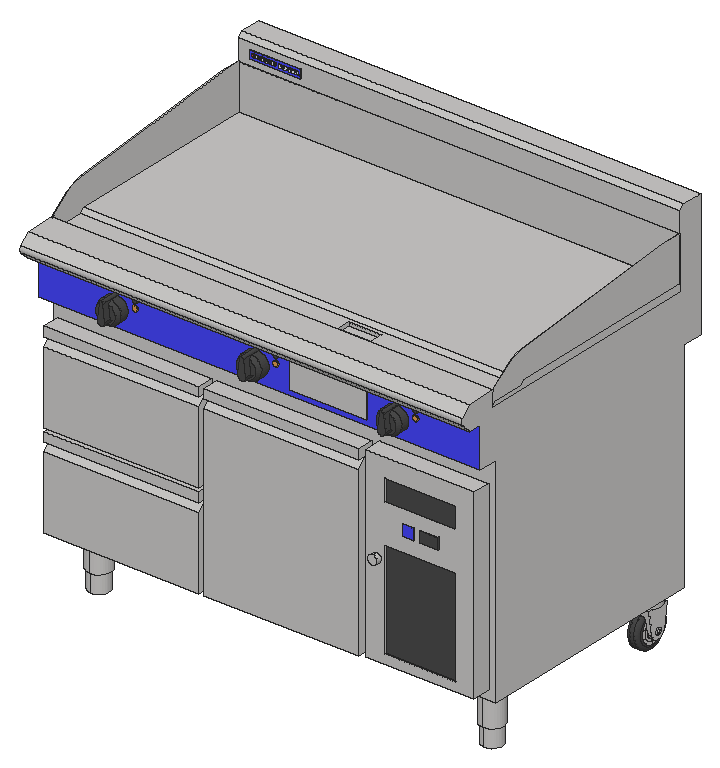
Revit family "QF_MOFFAT_BLUESEAL_AU_EP518-RB", category Specialty Equipment, Revit 2012
Parameters
  Weight in Pounds = 396  # constant formula
  Watts = 16200 W
  Volts = 400 V
  URL Cutsheet = "www.moffat.com"
  URL = "www.moffat.com"
  Type Mark [instance] = ""
  Status [instance] = ""
  Specification by User [instance] = ""
  Specification by Manufacturer = ""
  Show Logo [instance] = yes
  Show Clearance [instance] = yes
  Show Casters [instance] = yes
  Serial Number = ""
  Seismic Rating = ""
  SMACNA No = ""
  Revision Code [instance] = ""
  Refrigerant Type = "R134a"
  Phase = 3
  Omniclass Number and Title = ""
  Number of Poles = 1
  NAFEM Spec ID Number = ""
  Model = "EP518-RB"
  Min Ckt Ampacity = 0 A
  Max Overcurrent Protection = 0 A
  Masterspec = ""
  Manufacturer = "MOFFAT BLUESEAL"
  Legs [instance] = not(Show Casters)  # no
  Item Number [instance] = ""
  Installed By [instance] = ""
  Identify Quantity as Lot [instance] = yes
  HP = ""
  Furnished By [instance] = ""
  Foodservice Equipment Identifier [instance] = yes
  FL Amps = 25 A
  Electrical Remarks [instance] = "25A PER PHASE"
  Elec Conn RI Height = 0.0 mm
  Elec Conn Connection Height = 0.0 mm
  Description = "1200MM ELECTRIC GRIDDLE PLATE ON REFRIGERATED BASE"
  Cycle = 50 Hz
  Conn Plug = ""
  Conn Conduit = yes
  CSI MasterFormat = ""
  CSI Master Format = ""
  Body Height [instance] = 915.0 mm
  Base Height [instance] = 150.0 mm
  Apparent Power = if(Phase = 3, Volts * FL Amps * 1.73, Volts * FL Amps)  # 17300 VA
Reference planes
  plane 1 "BACK": y = 0
  plane 2: z = 0
  plane 3 "LEFT": x = 0
  plane 4 "RIGHT": x = 1200
  plane 5 "FRONT": y = -812
  plane 6 "TOP": z = 970
  plane 7 "Center Y": x = 600
  plane 8 "Center X": y = -406
  plane 9 "Base Height": z = 150
  plane 10: x = 1134
  plane 11: x = 65
  plane 12: z = 915
  plane 13: x = 1181
  plane 14: x = 973
  plane 15: y = -625
  plane 16: y = -100
  plane 17: z = 1085
Forms (mm)
  Extrusion 1, solid, material "QF_Finishes_Stainless Steel"
    sketch origin (0, 0, 0) x (0, 1, 0) y (0, 0, 1)
      loop
        line (0, 740) -> (0, 1085) -> (-57.5, 1085) -> (-70, 1072.5) -> (-70, 875) -> (-705, 875) -> (-705, 915) -> (-783.97, 915) -> (-808.485, 890.485)
        arc (-808.485, 890.485) -> (-811.999, 882) -> (-808.485, 873.515) r 12
        line (-808.485, 873.515) -> (-784.97, 850) -> (-749, 850) -> (-749, 740) -> (-697, 740) -> (-697, 150) -> (-57, 150) -> (-57, 740) -> (0, 740)
    from 0 to 1200
  Extrusion 2, solid, material "QF_Finishes_Stainless Steel"
    sketch origin (705, 3, 100) x (1, 0, 0) y (0, 1, 0)
      loop
        circle (365, -35) r 13.5
    from 555 to 640
  Revolve 3, solid, material "QF_Finishes_Stainless Steel"
    sketch origin (65, -735, 0) x (0, 1, 0) y (0, 0, 1)
      loop
        line (78.25, 150) -> (78.25, 50) -> (82.5, 50) -> (82.5, 0) -> (110, 0) -> (110, 150) -> (78.25, 150)
      axis (110, 150) -> (110, 0)
    angle from 0 to 360
  Revolve 4, solid, material "QF_Finishes_Stainless Steel"
    sketch origin (1134, -735, 0) x (0, 1, 0) y (0, 0, -1)
      loop
        line (78.25, -150) -> (110, -150) -> (110, 0) -> (82.5, 0) -> (82.5, -50) -> (78.25, -50) -> (78.25, -150)
      axis (110, -150) -> (110, 0)
    angle from 0 to 360
  Extrusion 5, solid, material "QF_Finishes_Stainless Steel"
    sketch origin (0, 0, 0) x (0, 1, 0) y (0, 0, 1)
      loop
        line (-754, 678) -> (-754, 653) -> (-709.18, 653) -> (-709.18, 678) -> (-754, 678)
      loop
        line (-754, 421) -> (-754, 396) -> (-709.18, 396) -> (-709.18, 421) -> (-754, 421)
    from 19 to 439
  Extrusion 6, solid, material "QF_Finishes_Stainless Steel"
    sketch origin (0, -697, 222.5) x (0, 0, -1) y (1, 0, 0)
      loop
        line (-455.5, 1181) -> (-455.5, 887) -> (48.5, 887) -> (48.5, 1181) -> (-455.5, 1181)
      loop
        line (23.5, 1131) -> (-241.5, 1131) -> (-241.5, 937) -> (23.5, 937) -> (23.5, 1131)
      loop
        line (-405.5, 1131) -> (-405.5, 937) -> (-345.5, 937) -> (-345.5, 1131) -> (-405.5, 1131)
    from 0 to 48
  Extrusion 7, solid, material "QF_Finishes_Black"
    sketch origin (0, -745, 222.5) x (0, 0, -1) y (1, 0, 0)
      loop
        line (-311.04, 1035.003) -> (-281.04, 1035.003) -> (-281.04, 1083.315) -> (-311.04, 1083.315) -> (-311.04, 1035.003)
    from 0 to 2
  Extrusion 8, solid, material "QF_Finishes_Stainless Steel"
    sketch origin (0, -745, 222.5) x (0, 0, -1) y (1, 0, 0)
      loop
        circle (-202.271, 914.856) r 12.395
    from 0 to 12.7
  Extrusion 9, solid, material "QF_Finishes_Vents"
    sketch origin (0, -697, 222.5) x (0, 0, 1) y (1, 0, 0)
      loop
        line (345.5, 937) -> (405.5, 937) -> (405.5, 1131) -> (345.5, 1131) -> (345.5, 937)
      loop
        line (241.5, 937) -> (241.5, 1131) -> (-23.5, 1131) -> (-23.5, 937) -> (241.5, 937)
    from 0 to -44.529
  Extrusion 10, solid, material "QF_Door-Drawer Clearances", visible <- "Show Clearance", detail levels coarse
    sketch origin (0, -747, 174) x (0, 0, 1) y (-1, 0, 0)
      loop
        line (0, -19) -> (0, -439) -> (247, -439) -> (247, -19) -> (0, -19)
      loop
        line (257, -19) -> (257, -439) -> (504, -439) -> (504, -19) -> (257, -19)
    from 0 to 304.8
  Extrusion 11, solid, material "QF_Finishes_Stainless Steel"
    sketch origin (0, 0, 0) x (0, 1, 0) y (0, 0, 1)
      loop
        line (-709.18, 174) -> (-709.18, 650.613) -> (-731.387, 650.613) -> (-754, 628) -> (-754, 174) -> (-709.18, 174)
    from 453 to 873
  Extrusion 12, solid, material "QF_Door-Drawer Clearances", visible <- "Show Clearance", detail levels coarse
    sketch origin (0, -754, 174) x (1, 0, 0) y (0, -1, 0)
      loop
        line (453, 0) -> (873, 0) -> (873, 420)
        arc (873, 420) -> (576.015, 296.985) -> (453, 0) r 420
    from 0 to -504
  Extrusion 13, solid, material "QF_Finishes_Stainless Steel"
    sketch origin (0, -57, 735) x (0, 0, 1) y (1, 0, 0)
      loop
        circle (-315, 920) r 6.35
    from 0 to 1.6
  Extrusion 14, solid, material "QF_Finishes_Stainless Steel"
    sketch origin (0, 0, 0) x (0, 1, 0) y (0, 0, 1)
      loop
        line (-754, 431) -> (-709.18, 431) -> (-709.18, 650.613) -> (-731.387, 650.613) -> (-754, 628) -> (-754, 431)
      loop
        line (-754, 174) -> (-709.18, 174) -> (-709.18, 393.613) -> (-731.387, 393.613) -> (-754, 371) -> (-754, 174)
    from 19 to 439
  Extrusion 15, solid, material "QF_Finishes_Stainless Steel"
    sketch origin (0, 0, 0) x (0, 1, 0) y (0, 0, 1)
      loop
        line (-709.18, 653) -> (-709.18, 678) -> (-754, 678) -> (-754, 653) -> (-709.18, 653)
    from 453 to 873
  Revolve 16, solid, material "QF_Finishes_Stainless Steel", visible <- "Legs"
    sketch origin (65.5, -166, 0) x (0, 1, 0) y (0, 0, 1)
      loop
        line (34.25, 150) -> (34.25, 50) -> (38.5, 50) -> (38.5, 0) -> (66, 0) -> (66, 150) -> (34.25, 150)
      axis (66, 150) -> (66, 0)
    angle from 0 to 360
  Revolve 17, solid, material "QF_Finishes_Stainless Steel", visible <- "Show Casters"
    sketch origin (16.276, -100.755, -12.8) x (1, 0, 0) y (0, 0, 1)
      loop
        line (14.841, 63.604) -> (83.584, 63.604) -> (83.584, 67.109) -> (82.314, 68.379) -> (80.79, 68.379) -> (80.79, 71.826) -> (68.644, 71.826) -> (68.644, 81.79) -> (65.088, 83.843) -> (63.738, 92.179) -> (65.881, 92.179) -> (65.881, 98.529) -> (65.088, 98.529) -> (65.088, 104.879)
        arc (65.088, 104.879) -> (62.298, 111.614) -> (55.563, 114.404) r 9.525
        line (55.563, 114.404) -> (42.863, 114.404)
        arc (42.863, 114.404) -> (36.127, 111.614) -> (33.338, 104.879) r 9.525
        line (33.338, 104.879) -> (33.338, 98.529) -> (32.544, 98.529) -> (32.544, 92.179) -> (34.687, 92.179) -> (33.352, 83.932) -> (29.782, 81.871) -> (29.782, 71.826) -> (17.635, 71.826) -> (17.635, 68.379) -> (16.111, 68.379) -> (14.841, 67.109) -> (14.841, 63.604)
      axis (14.841, 63.604) -> (83.584, 63.604)
    angle from 0 to 360
  Extrusion 18, solid, material "QF_Finishes_Stainless Steel", visible <- "Show Casters"
    sketch origin (72.001, 132.353, -8.783) x (0, 1, 0) y (0, 0, 1)
      loop
        line (-200.603, 118.783) -> (-264.103, 118.783) -> (-251.746, 53.895)
        arc (-251.746, 53.895) -> (-232.353, 38.783) -> (-212.959, 53.895) r 20
        line (-212.959, 53.895) -> (-200.603, 118.783)
    from -35.667 to 22.923
  Revolve 19, solid, material "QF_Finishes_Stainless Steel", visible <- "Show Casters"
    sketch origin (65.5, -204, 0) x (0, 1, 0) y (0, 0, 1)
      loop
        line (68.25, 150) -> (68.25, 110) -> (104, 110) -> (104, 150) -> (68.25, 150)
      axis (104, 150) -> (104, 110)
    angle from 0 to 360
  Revolve 20, solid, material "QF_Finishes_Stainless Steel", visible <- "Legs"
    sketch origin (65.5, -166, 0) x (0, 1, 0) y (0, 0, 1)
      loop
        line (34.25, 150) -> (34.25, 50) -> (38.5, 50) -> (38.5, 0) -> (66, 0) -> (66, 150) -> (34.25, 150)
      axis (66, 150) -> (66, 0)
    angle from 0 to 360
  Revolve 21, solid, material "QF_Finishes_Stainless Steel", visible <- "Legs"
    sketch origin (1134.5, -166, 0) x (0, 1, 0) y (0, 0, -1)
      loop
        line (34.25, -150) -> (66, -150) -> (66, 0) -> (38.5, 0) -> (38.5, -50) -> (34.25, -50) -> (34.25, -150)
      axis (66, -150) -> (66, 0)
    angle from 0 to 360
  Revolve 22, solid, material "QF_Finishes_Stainless Steel", visible <- "Show Casters"
    sketch origin (1183.724, -100.755, -12.8) x (-1, 0, 0) y (0, 0, -1)
      loop
        line (14.841, -63.604) -> (14.841, -67.109) -> (16.111, -68.379) -> (17.635, -68.379) -> (17.635, -71.826) -> (29.782, -71.826) -> (29.782, -81.871) -> (33.352, -83.932) -> (34.687, -92.179) -> (32.544, -92.179) -> (32.544, -98.529) -> (33.338, -98.529) -> (33.338, -104.879)
        arc (33.338, -104.879) -> (36.127, -111.614) -> (42.863, -114.404) r 9.525
        line (42.863, -114.404) -> (55.563, -114.404)
        arc (55.563, -114.404) -> (62.298, -111.614) -> (65.088, -104.879) r 9.525
        line (65.088, -104.879) -> (65.088, -98.529) -> (65.881, -98.529) -> (65.881, -92.179) -> (63.738, -92.179) -> (65.088, -83.843) -> (68.644, -81.79) -> (68.644, -71.826) -> (80.79, -71.826) -> (80.79, -68.379) -> (82.314, -68.379) -> (83.584, -67.109) -> (83.584, -63.604) -> (14.841, -63.604)
      axis (14.841, -63.604) -> (83.584, -63.604)
    angle from 0 to 360
  Extrusion 23, solid, material "QF_Finishes_Stainless Steel", visible <- "Show Casters"
    sketch origin (1127.999, 132.353, -8.783) x (0, 1, 0) y (0, 0, -1)
      loop
        line (-200.603, -118.783) -> (-212.959, -53.895)
        arc (-212.959, -53.895) -> (-232.353, -38.783) -> (-251.746, -53.895) r 20
        line (-251.746, -53.895) -> (-264.103, -118.783) -> (-200.603, -118.783)
    from -35.667 to 22.923
  Revolve 24, solid, material "QF_Finishes_Stainless Steel", visible <- "Show Casters"
    sketch origin (1134.5, -204, 0) x (0, 1, 0) y (0, 0, -1)
      loop
        line (68.25, -150) -> (104, -150) -> (104, -110) -> (68.25, -110) -> (68.25, -150)
      axis (104, -150) -> (104, -110)
    angle from 0 to 360
  Revolve 25, solid, material "QF_Finishes_Stainless Steel", visible <- "Legs"
    sketch origin (1134.5, -166, 0) x (0, 1, 0) y (0, 0, -1)
      loop
        line (34.25, -150) -> (66, -150) -> (66, 0) -> (38.5, 0) -> (38.5, -50) -> (34.25, -50) -> (34.25, -150)
      axis (66, -150) -> (66, 0)
    angle from 0 to 360
  Revolve 26, solid, material "QF_Finishes_Black"
    sketch origin (217.5, 7, 757.8) x (0, 1, 0) y (0, 0, -1)
      loop
        line (-789, -69.5) -> (-766, -69.5) -> (-766, -42) -> (-756, -42) -> (-756, -37) -> (-800, -37) -> (-800, -63.651) -> (-789, -69.5)
      axis (-800, -37) -> (-756, -37)
    angle from 0 to 360
  Extrusion 27, solid, material "QF_Finishes_Black"
    sketch origin (355.77, 0, 757.958) x (-1, 0, 0) y (0, 0, -1)
      loop
        line (127.85, -26.064) -> (133.27, -68.983)
        arc (133.27, -68.983) -> (138.269, -73.87) -> (143.267, -68.983) r 5
        line (143.267, -68.983) -> (148.756, -24.898)
        arc (148.756, -24.898) -> (137.684, -14.399) -> (127.85, -26.064) r 10.487
    from 759 to 808
  Revolve 28, solid, material "QF_Finishes_Black"
    sketch origin (600, 7, 757.8) x (0, 1, 0) y (0, 0, -1)
      loop
        line (-789, -69.5) -> (-766, -69.5) -> (-766, -42) -> (-756, -42) -> (-756, -37) -> (-800, -37) -> (-800, -63.651) -> (-789, -69.5)
      axis (-800, -37) -> (-756, -37)
    angle from 0 to 360
  Extrusion 29, solid, material "QF_Finishes_Black"
    sketch origin (738.27, 0, 757.958) x (-1, 0, 0) y (0, 0, -1)
      loop
        line (127.85, -26.064) -> (133.27, -68.983)
        arc (133.27, -68.983) -> (138.269, -73.87) -> (143.267, -68.983) r 5
        line (143.267, -68.983) -> (148.756, -24.898)
        arc (148.756, -24.898) -> (137.684, -14.399) -> (127.85, -26.064) r 10.487
    from 759 to 808
  Extrusion 30, solid, material "QF_Finishes_Orange"
    sketch origin (0, -749, 850) x (0, 0, -1) y (1, 0, 0)
      loop
        circle (45.2, 1025.121) r 7.15
      loop
        circle (45.2, 645.005) r 7.15
      loop
        circle (45.2, 262.505) r 7.15
    from 0 to 1
  Revolve 31, solid, material "QF_Finishes_Black"
    sketch origin (980.116, 7, 757.8) x (0, 1, 0) y (0, 0, -1)
      loop
        line (-789, -69.5) -> (-766, -69.5) -> (-766, -42) -> (-756, -42) -> (-756, -37) -> (-800, -37) -> (-800, -63.651) -> (-789, -69.5)
      axis (-800, -37) -> (-756, -37)
    angle from 0 to 360
  Extrusion 32, solid, material "QF_Finishes_Black"
    sketch origin (1118.385, 0, 757.958) x (-1, 0, 0) y (0, 0, -1)
      loop
        line (127.85, -26.064) -> (133.27, -68.983)
        arc (133.27, -68.983) -> (138.269, -73.87) -> (143.267, -68.983) r 5
        line (143.267, -68.983) -> (148.756, -24.898)
        arc (148.756, -24.898) -> (137.684, -14.399) -> (127.85, -26.064) r 10.487
    from 759 to 808
  Extrusion 33, solid, material "QF_Finishes_Black"
    sketch origin (0, -749, 850) x (0, 0, -1) y (1, 0, 0)
      loop
        circle (25.2, 1025.121) r 7.15
      loop
        circle (25.2, 645.005) r 7.15
      loop
        circle (25.2, 262.505) r 7.15
    from 0 to 1
  Extrusion 34, solid, material "QF_Finishes_Stainless Steel"
    sketch origin (0, -749, 850) x (0, 0, -1) y (1, 0, 0)
      loop
        line (9.201, 893) -> (9.201, 683) -> (96.1, 683) -> (96.1, 893) -> (9.201, 893)
    from 0 to 1
  Extrusion 35, solid, material "QF_Finishes_Black"
    sketch origin (0, -750, 850) x (0, 0, -1) y (1, 0, 0)
      loop
        line (9.201, 893) -> (9.201, 683) -> (14.201, 683) -> (14.201, 893) -> (9.201, 893)
    from 0 to 10
  Extrusion 36, solid, material "QF_Finishes_Blue"
    sketch origin (0, -745, 222.5) x (0, 0, -1) y (1, 0, 0)
      loop
        line (-311.04, 987.426) -> (-281.04, 987.426) -> (-281.04, 1017.426) -> (-311.04, 1017.426) -> (-311.04, 987.426)
    from 0 to 2
Lines and regions (mm)
  Split face 1
    outline origin (0, -22, 1085) x (0, 1, 0) y (-1, 0, 0)
      loop
        arc (-23.385, -1164.794) -> (-18.385, -1173.455) -> (-8.385, -1173.455) r 10
        line (-8.385, -1173.455) -> (-1.385, -1169.413)
        arc (-1.385, -1169.413) -> (2.275, -1165.753) -> (3.615, -1160.753) r 10
        line (3.615, -1160.753) -> (3.615, -932.794)
        arc (3.615, -932.794) -> (-1.385, -924.134) -> (-11.385, -924.134) r 10
        line (-11.385, -924.134) -> (-18.385, -928.176)
        arc (-18.385, -928.176) -> (-22.045, -931.836) -> (-23.385, -936.836) r 10
        line (-23.385, -936.836) -> (-23.385, -1164.794)
  Split face 2
    outline origin (0, -22, 1085) x (0, 1, 0) y (-1, 0, 0)
      loop
        arc (-23.385, -864.794) -> (-18.385, -873.455) -> (-8.385, -873.455) r 10
        line (-8.385, -873.455) -> (-1.385, -869.413)
        arc (-1.385, -869.413) -> (2.275, -865.753) -> (3.615, -860.753) r 10
        line (3.615, -860.753) -> (3.615, -632.794)
        arc (3.615, -632.794) -> (-1.385, -624.134) -> (-11.385, -624.134) r 10
        line (-11.385, -624.134) -> (-18.385, -628.176)
        arc (-18.385, -628.176) -> (-22.045, -631.836) -> (-23.385, -636.836) r 10
        line (-23.385, -636.836) -> (-23.385, -864.794)
  Split face 3
    outline origin (0, -22, 1085) x (0, 1, 0) y (-1, 0, 0)
      loop
        arc (-23.385, -564.794) -> (-18.385, -573.455) -> (-8.385, -573.455) r 10
        line (-8.385, -573.455) -> (-1.385, -569.413)
        arc (-1.385, -569.413) -> (2.275, -565.753) -> (3.615, -560.753) r 10
        line (3.615, -560.753) -> (3.615, -332.794)
        arc (3.615, -332.794) -> (-1.385, -324.134) -> (-11.385, -324.134) r 10
        line (-11.385, -324.134) -> (-18.385, -328.176)
        arc (-18.385, -328.176) -> (-22.045, -331.836) -> (-23.385, -336.836) r 10
        line (-23.385, -336.836) -> (-23.385, -564.794)
  Split face 4
    outline origin (0, -22, 1085) x (0, 1, 0) y (-1, 0, 0)
      loop
        arc (-23.385, -264.794) -> (-18.385, -273.455) -> (-8.385, -273.455) r 10
        line (-8.385, -273.455) -> (-1.385, -269.413)
        arc (-1.385, -269.413) -> (2.275, -265.753) -> (3.615, -260.753) r 10
        line (3.615, -260.753) -> (3.615, -32.794)
        arc (3.615, -32.794) -> (-1.385, -24.134) -> (-11.385, -24.134) r 10
        line (-11.385, -24.134) -> (-18.385, -28.176)
        arc (-18.385, -28.176) -> (-22.045, -31.836) -> (-23.385, -36.836) r 10
        line (-23.385, -36.836) -> (-23.385, -264.794)
  symbolic lines, style "QF_Door-Drawer Clearances"
    curve 1: line (19, -812, 150) -> (19, -1058.8, 150)
    curve 2: line (19, -1058.8, 150) -> (439, -1058.8, 150)
    curve 3: line (439, -1058.8, 150) -> (439, -812, 150)
    curve 4: arc (512.99, -970.316, 150) -> (477.409, -895.095, 150) -> (457.356, -814.336, 150) r 420
    curve 5: line (776.472, -812, 150) -> (512.99, -970.316, 150)
  symbolic lines, style "SpecialityEquipmentHiddenLines", visible <- "Show Casters"
    curve 6: line (78.456, -46.735, 0) -> (105.952, -62.61, 0)
    curve 7: line (27.656, -134.723, 0) -> (78.456, -46.735, 0)
    curve 8: line (55.152, -150.598, 0) -> (27.656, -134.723, 0)
    curve 9: line (105.952, -62.61, 0) -> (55.152, -150.598, 0)
    curve 10: line (1125.152, -150.598, 0) -> (1097.656, -134.723, 0)
    curve 11: line (1175.952, -62.61, 0) -> (1125.152, -150.598, 0)
    curve 52: line (1148.456, -46.735, 0) -> (1097.656, -134.723, 0)
    curve 53: line (1175.952, -62.61, 0) -> (1148.456, -46.735, 0)
  symbolic lines
    curve 12: line (32.794, -18.385, 0) -> (260.753, -18.385, 0)
    curve 13: arc (260.753, -18.385, 0) -> (265.753, -19.725, 0) -> (269.413, -23.385, 0) r 10
    curve 14: line (269.413, -23.385, 0) -> (273.455, -30.385, 0)
    curve 15: arc (273.455, -30.385, 0) -> (273.455, -40.385, 0) -> (264.794, -45.385, 0) r 10
    curve 16: line (264.794, -45.385, 0) -> (36.836, -45.385, 0)
    curve 17: arc (36.836, -45.385, 0) -> (31.836, -44.045, 0) -> (28.176, -40.385, 0) r 10
    curve 18: line (28.176, -40.385, 0) -> (24.134, -33.385, 0)
    curve 19: arc (24.134, -33.385, 0) -> (24.134, -23.385, 0) -> (32.794, -18.385, 0) r 10
    curve 20: line (560.753, -18.385, 0) -> (332.794, -18.385, 0)
    curve 21: arc (332.794, -18.385, 0) -> (324.134, -23.385, 0) -> (324.134, -33.385, 0) r 10
    curve 22: line (324.134, -33.385, 0) -> (328.176, -40.385, 0)
    curve 23: arc (328.176, -40.385, 0) -> (331.836, -44.045, 0) -> (336.836, -45.385, 0) r 10
    curve 24: line (336.836, -45.385, 0) -> (564.794, -45.385, 0)
    curve 25: arc (564.794, -45.385, 0) -> (573.455, -40.385, 0) -> (573.455, -30.385, 0) r 10
    curve 26: line (573.455, -30.385, 0) -> (569.413, -23.385, 0)
    curve 27: arc (569.413, -23.385, 0) -> (565.753, -19.725, 0) -> (560.753, -18.385, 0) r 10
    curve 28: line (632.794, -18.385, 0) -> (860.753, -18.385, 0)
    curve 29: arc (860.753, -18.385, 0) -> (865.753, -19.725, 0) -> (869.413, -23.385, 0) r 10
    curve 30: line (869.413, -23.385, 0) -> (873.455, -30.385, 0)
    curve 31: arc (873.455, -30.385, 0) -> (873.455, -40.385, 0) -> (864.794, -45.385, 0) r 10
    curve 32: line (864.794, -45.385, 0) -> (636.836, -45.385, 0)
    curve 33: arc (636.836, -45.385, 0) -> (631.836, -44.045, 0) -> (628.176, -40.385, 0) r 10
    curve 34: line (628.176, -40.385, 0) -> (624.134, -33.385, 0)
    curve 35: arc (624.134, -33.385, 0) -> (624.134, -23.385, 0) -> (632.794, -18.385, 0) r 10
    curve 36: line (1160.753, -18.385, 0) -> (932.794, -18.385, 0)
    curve 37: arc (932.794, -18.385, 0) -> (924.134, -23.385, 0) -> (924.134, -33.385, 0) r 10
    curve 38: line (924.134, -33.385, 0) -> (928.176, -40.385, 0)
    curve 39: arc (928.176, -40.385, 0) -> (931.836, -44.045, 0) -> (936.836, -45.385, 0) r 10
    curve 40: line (936.836, -45.385, 0) -> (1164.794, -45.385, 0)
    curve 41: arc (1164.794, -45.385, 0) -> (1173.455, -40.385, 0) -> (1173.455, -30.385, 0) r 10
    curve 42: line (1173.455, -30.385, 0) -> (1169.413, -23.385, 0)
    curve 43: arc (1169.413, -23.385, 0) -> (1165.753, -19.725, 0) -> (1160.753, -18.385, 0) r 10
    curve 44: line (1200, 0, 0) -> (0, 0, 0)
    curve 45: line (1200, -57, 0) -> (0, -57, 0)
    curve 46: line (0, -70, 0) -> (1200, -70, 0)
    curve 47: line (-1, -705, 0) -> (1199, -705, 0)
    curve 48: line (0, -783.97, 0) -> (1200, -783.97, 0)
    curve 49: line (0, -811.999, 0) -> (1200, -811.999, 0)
    curve 50: line (1200, -811.999, 0) -> (1200, 0, 0)
    curve 51: line (0, 0, 0) -> (0, -811.999, 0)
Dimensions and locks
  equal spacing: plane 3 "LEFT", plane 7 "Center Y", plane 4 "RIGHT"
  plane 3 "LEFT" to plane 4 "RIGHT" = 1200.0 mm
  equal spacing: plane 5 "FRONT", plane 8 "Center X", plane 1 "BACK"
  plane 5 "FRONT" to plane 1 "BACK" = 812.0 mm
  "Base Height": plane 9 "Base Height" to level
  plane 6 "TOP" to level = 970.0 mm
  plane 10 to plane 11 = 1069.0 mm
  level to Extrusion 2 = 655.0 mm
  Extrusion 1 to Extrusion 5 = 19.0 mm
  Extrusion 6 sketch curve to Extrusion 6 sketch curve = 294.0 mm
  plane 15 to plane 16 = 525.0 mm
  plane 17 to plane 2 = 1085.0 mm
  Extrusion 13 sketch curve to plane 4 "RIGHT" = 280.0 mm
  Extrusion 13 sketch curve to plane 2 = 420.0 mm
  Revolve 17 sketch curve to Revolve 17 sketch curve = 50.8 mm
  Revolve 22 sketch curve to Revolve 22 sketch curve = 50.8 mm
  aligned and locked: level to plane 2
Automatic sketch dimensions
  curve 45 to plane 3 "LEFT" = 0.0 mm
  curve 48 to plane 4 "RIGHT" = 0.0 mm
  plane 1 "BACK" to curve 44 = 0.0 mm
  curve 47 to plane 3 "LEFT" = 1.0 mm
  plane 3 "LEFT" to curve 18 = 24.134 mm
  plane 3 "LEFT" to curve 8 = 27.656 mm
  curve 19 to curve 17 = 4.041 mm
  curve 18 to curve 19 = 8.66 mm
  curve 17 to curve 17 = 8.66 mm
  curve 8 to plane 11 = 9.848 mm
  plane 11 to curve 7 = 13.456 mm
  plane 1 "BACK" to curve 12 = 18.385 mm
  curve 6 to curve 12 = 154.801 mm
  curve 13 to curve 15 = 4.041 mm  (x2)
  curve 13 to curve 13 = 8.66 mm
  curve 14 to curve 21 = 50.679 mm
  curve 22 to curve 23 = 4.041 mm
  curve 21 to curve 21 = 8.66 mm
  curve 23 to curve 23 = 8.66 mm
  plane 1 "BACK" to curve 27 = 18.385 mm
  curve 27 to plane 7 "Center Y" = 39.247 mm
  curve 27 to curve 24 = 4.041 mm
  plane 1 "BACK" to curve 26 = 23.385 mm
  curve 27 to curve 26 = 8.66 mm
  curve 26 to curve 25 = 4.041 mm
  plane 7 "Center Y" to curve 35 = 24.134 mm
  curve 35 to curve 34 = 4.041 mm
  curve 34 to curve 28 = 8.66 mm
  curve 33 to curve 32 = 8.66 mm
  plane 1 "BACK" to curve 29 = 18.385 mm
  curve 29 to plane 14 = 112.247 mm
  curve 29 to curve 31 = 4.041 mm
  curve 29 to curve 29 = 8.66 mm
  plane 1 "BACK" to curve 30 = 30.385 mm
  curve 29 to curve 30 = 4.041 mm
  curve 38 to plane 14 = 48.866 mm
  curve 37 to curve 38 = 4.041 mm
  curve 37 to curve 37 = 8.66 mm
  curve 37 to curve 39 = 4.041 mm
  curve 52 to plane 10 = 36.344 mm
  curve 10 to plane 10 = 8.848 mm
  plane 10 to curve 53 = 14.456 mm
  curve 52 to curve 43 = 12.297 mm
  curve 43 to curve 41 = 4.041 mm
  curve 36 to curve 42 = 8.66 mm
  curve 43 to curve 42 = 4.041 mm
  plane 4 "RIGHT" to curve 47 = 1.0 mm
  curve 34 to curve 28 = 15.0 mm
  curve 18 to curve 12 = 15.0 mm
  curve 21 to curve 20 = 15.0 mm
  plane 1 "BACK" to curve 38 = 33.385 mm
  curve 31 to curve 31 = 5.0 mm
  curve 25 to curve 27 = 7.0 mm
  curve 15 to curve 12 = 17.0 mm
  curve 17 to curve 19 = 7.0 mm
  curve 33 to curve 35 = 7.0 mm
  curve 23 to curve 21 = 7.0 mm
  plane 1 "BACK" to curve 41 = 35.385 mm
  curve 39 to curve 37 = 2.0 mm
  curve 39 to curve 37 = 7.0 mm  (x2)
  curve 18 to curve 19 = 7.0 mm
  curve 22 to curve 22 = 7.0 mm
  curve 53 to curve 41 = 1.35 mm
  curve 6 to curve 17 = 1.35 mm
  curve 45 to curve 40 = 11.615 mm
  curve 53 to curve 41 = 17.225 mm
  curve 6 to curve 6 = 15.875 mm
  curve 46 to curve 45 = 13.0 mm
  curve 47 to plane 15 = 80.0 mm
  curve 48 to plane 5 "FRONT" = 28.03 mm
  curve 51 to plane 5 "FRONT" = 0.001 mm
  curve 31 to curve 29 = 7.0 mm
  curve 15 to curve 13 = 7.0 mm
  curve 41 to curve 43 = 7.0 mm
  Extrusion 1 sketch curve to plane 12 = 0.0 mm
  Extrusion 1 sketch curve to plane 9 "Base Height" = 0.0 mm
  Extrusion 1 sketch curve to plane 17 = 0.0 mm
  Extrusion 1 sketch curve to plane 1 "BACK" = 0.0 mm
  plane 16 to Extrusion 1 sketch curve = 43.0 mm
  plane 16 to Extrusion 1 sketch curve = 42.5 mm
  Extrusion 1 sketch curve to Extrusion 1 sketch curve = 12.5 mm
  Extrusion 1 sketch curve to plane 15 = 72.0 mm
  Extrusion 1 sketch curve to plane 15 = 80.0 mm
  Extrusion 1 sketch curve to Extrusion 1 sketch curve = 52.0 mm
  Extrusion 1 sketch curve to plane 5 "FRONT" = 28.03 mm
  Extrusion 1 sketch curve to plane 5 "FRONT" = 27.03 mm
  Extrusion 1 sketch curve to plane 5 "FRONT" = 12.001 mm
  Extrusion 1 sketch curve to plane 5 "FRONT" = 3.515 mm  (x2)
  Extrusion 1 sketch curve to plane 12 = 175.0 mm  (x2)
  Extrusion 1 sketch curve to plane 12 = 65.0 mm
  Extrusion 1 sketch curve to Extrusion 1 sketch curve = 23.515 mm
  Extrusion 1 sketch curve to Extrusion 1 sketch curve = 40.0 mm
  Extrusion 1 sketch curve to Extrusion 1 sketch curve = 8.485 mm
  Extrusion 1 sketch curve to plane 17 = 12.5 mm
  plane 1 "BACK" to Extrusion 2 sketch curve = 32.0 mm
  Extrusion 2 sketch curve to plane 10 = 64.0 mm
  Revolve 3 sketch curve to plane 9 "Base Height" = 0.0 mm
  Revolve 3 sketch curve to level = 0.0 mm
  Revolve 3 sketch curve to plane 15 = 0.0 mm  (x2)
  Revolve 3 sketch curve to plane 15 = 27.5 mm
  Revolve 3 sketch curve to Revolve 3 sketch curve = 31.75 mm
  Revolve 3 sketch curve to Revolve 3 sketch curve = 55.0 mm
  level to Revolve 3 sketch curve = 50.0 mm
  Revolve 3 sketch curve to Revolve 3 sketch curve = 0.0 mm
  Revolve 4 sketch curve to plane 9 "Base Height" = 0.0 mm
  Revolve 4 sketch curve to level = 0.0 mm
  Revolve 4 sketch curve to plane 15 = 0.0 mm  (x2)
  Revolve 4 sketch curve to plane 15 = 27.5 mm
  Revolve 4 sketch curve to plane 15 = 31.75 mm
  level to Revolve 4 sketch curve = 50.0 mm
  Revolve 4 sketch curve to Revolve 4 sketch curve = 0.0 mm
  Revolve 4 sketch curve to Revolve 4 sketch curve = 55.0 mm
  Extrusion 5 sketch curve to plane 5 "FRONT" = 58.0 mm  (x2)
  Extrusion 5 sketch curve to Extrusion 5 sketch curve = 44.82 mm  (x2)
  plane 9 "Base Height" to Extrusion 5 sketch curve = 246.0 mm
  Extrusion 5 sketch curve to Extrusion 5 sketch curve = 25.0 mm  (x2)
  Extrusion 5 sketch curve to Extrusion 5 sketch curve = 232.0 mm
  Extrusion 6 sketch curve to Extrusion 1 = 62.0 mm
  Extrusion 6 sketch curve to Extrusion 6 sketch curve = 50.0 mm  (x3)
  Extrusion 6 sketch curve to Extrusion 6 sketch curve = 60.0 mm
  Extrusion 6 sketch curve to Extrusion 6 sketch curve = 104.0 mm
  Extrusion 1 to Extrusion 6 sketch curve = 49.0 mm
  Extrusion 1 to Extrusion 6 sketch curve = 24.0 mm
  Extrusion 1 to Extrusion 6 sketch curve = 313.0 mm
  Extrusion 6 sketch curve to Extrusion 6 sketch curve = 0.0 mm
  Extrusion 1 to Extrusion 6 sketch curve = 69.0 mm
  Extrusion 7 sketch curve to Extrusion 6 = 34.46 mm
  Extrusion 6 to Extrusion 7 sketch curve = 47.685 mm
  Extrusion 6 to Extrusion 8 sketch curve = 39.229 mm
  Extrusion 8 sketch curve to Extrusion 6 = 22.144 mm
  Extrusion 9 sketch curve to Extrusion 6 = 0.0 mm  (x6)
  Extrusion 6 to Extrusion 9 sketch curve = 0.0 mm  (x2)
  plane 9 "Base Height" to Extrusion 10 sketch curve = 24.0 mm
  Extrusion 10 sketch curve to Extrusion 10 sketch curve = 247.0 mm
  Extrusion 10 sketch curve to Extrusion 10 sketch curve = 10.0 mm
  plane 3 "LEFT" to Extrusion 10 sketch curve = 19.0 mm  (x2)
  Extrusion 10 sketch curve to plane 12 = 237.0 mm
  Extrusion 10 sketch curve to plane 7 "Center Y" = 161.0 mm
  Extrusion 10 sketch curve to Extrusion 10 sketch curve = 0.0 mm
  Extrusion 11 sketch curve to plane 5 "FRONT" = 58.0 mm
  Extrusion 11 sketch curve to Extrusion 11 sketch curve = 22.613 mm  (x2)
  Extrusion 11 sketch curve to Extrusion 11 sketch curve = 22.207 mm
  plane 9 "Base Height" to Extrusion 11 sketch curve = 24.0 mm
  Extrusion 11 sketch curve to plane 12 = 287.0 mm
  Extrusion 12 sketch curve to Extrusion 11 = 0.0 mm  (x3)
  plane 5 "FRONT" to curve 5 = 0.0 mm
  plane 5 "FRONT" to curve 3 = 0.0 mm
  plane 5 "FRONT" to curve 1 = 0.0 mm
  curve 4 to plane 14 = 100.0 mm
  curve 4 to curve 5 = 96.528 mm
  curve 4 to plane 7 "Center Y" = 87.01 mm
  plane 5 "FRONT" to curve 4 = 2.336 mm
  curve 4 to plane 7 "Center Y" = 142.644 mm
  curve 4 to curve 3 = 18.356 mm
  plane 3 "LEFT" to curve 1 = 19.0 mm
  curve 4 to plane 5 "FRONT" = 58.0 mm
  curve 1 to curve 2 = 246.8 mm
  Extrusion 14 sketch curve to plane 5 "FRONT" = 58.0 mm  (x2)
  Extrusion 14 sketch curve to Extrusion 14 sketch curve = 22.613 mm  (x4)
  Extrusion 14 sketch curve to Extrusion 14 sketch curve = 22.207 mm
  Extrusion 14 sketch curve to Extrusion 14 sketch curve = 44.82 mm
  plane 9 "Base Height" to Extrusion 14 sketch curve = 24.0 mm
  Extrusion 14 sketch curve to Extrusion 14 sketch curve = 197.0 mm  (x2)
  Extrusion 14 sketch curve to Extrusion 14 sketch curve = 37.387 mm
  Extrusion 15 sketch curve to plane 5 "FRONT" = 58.0 mm
  Extrusion 15 sketch curve to Extrusion 15 sketch curve = 44.82 mm
  Extrusion 15 sketch curve to plane 12 = 262.0 mm
  Extrusion 15 sketch curve to Extrusion 15 sketch curve = 25.0 mm
  Revolve 16 sketch curve to plane 9 "Base Height" = 0.0 mm
  Revolve 16 sketch curve to level = 0.0 mm
  Revolve 16 sketch curve to plane 16 = 0.0 mm  (x2)
  Revolve 16 sketch curve to plane 16 = 27.5 mm
  Revolve 16 sketch curve to plane 16 = 31.75 mm
  Revolve 16 sketch curve to Revolve 16 sketch curve = 55.0 mm
  level to Revolve 16 sketch curve = 50.0 mm
  Revolve 16 sketch curve to Revolve 16 sketch curve = 0.0 mm
  plane 3 "LEFT" to Revolve 17 sketch curve = 31.118 mm
  Revolve 17 sketch curve to Revolve 17 sketch curve = 1.27 mm  (x4)
  Revolve 17 sketch curve to Revolve 17 sketch curve = 1.524 mm  (x2)
  Revolve 17 sketch curve to Revolve 17 sketch curve = 12.146 mm  (x2)
  Revolve 17 sketch curve to plane 11 = 16.18 mm
  Revolve 17 sketch curve to Revolve 17 sketch curve = 0.794 mm  (x2)
  Revolve 17 sketch curve to Revolve 17 sketch curve = 3.57 mm
  Revolve 17 sketch curve to Revolve 17 sketch curve = 2.143 mm
  Revolve 17 sketch curve to plane 11 = 5.861 mm
  plane 11 to Revolve 17 sketch curve = 5.63 mm
  plane 11 to Revolve 17 sketch curve = 6.839 mm
  plane 11 to Revolve 17 sketch curve = 15.015 mm
  Revolve 17 sketch curve to Revolve 17 sketch curve = 1.349 mm  (x2)
  Revolve 17 sketch curve to Revolve 17 sketch curve = 3.556 mm
  Revolve 17 sketch curve to Revolve 17 sketch curve = 33.32 mm
  level to Revolve 17 sketch curve = 50.804 mm
  Revolve 17 sketch curve to Revolve 17 sketch curve = 0.0 mm
  Revolve 17 sketch curve to Revolve 17 sketch curve = 3.505 mm  (x2)
  Revolve 17 sketch curve to Revolve 17 sketch curve = 3.447 mm  (x2)
  Revolve 17 sketch curve to Revolve 17 sketch curve = 9.964 mm
  Revolve 17 sketch curve to Revolve 17 sketch curve = 10.045 mm
  Revolve 17 sketch curve to Revolve 17 sketch curve = 2.053 mm
  Revolve 17 sketch curve to Revolve 17 sketch curve = 2.061 mm
  Revolve 17 sketch curve to Revolve 17 sketch curve = 8.247 mm
  Revolve 17 sketch curve to Revolve 17 sketch curve = 8.336 mm
  Revolve 17 sketch curve to Revolve 17 sketch curve = 6.35 mm  (x2)
  Extrusion 18 sketch curve to plane 16 = 0.0 mm
  Extrusion 18 sketch curve to plane 16 = 19.393 mm
  Extrusion 18 sketch curve to plane 16 = 31.75 mm
  plane 16 to Extrusion 18 sketch curve = 19.393 mm
  plane 16 to Extrusion 18 sketch curve = 31.75 mm
  level to Extrusion 18 sketch curve = 45.111 mm
  Extrusion 18 sketch curve to Extrusion 18 sketch curve = 4.889 mm
  Extrusion 18 sketch curve to plane 9 "Base Height" = 40.0 mm
  Revolve 19 sketch curve to plane 9 "Base Height" = 0.0 mm
  Revolve 19 sketch curve to plane 16 = 0.0 mm  (x2)
  Revolve 19 sketch curve to plane 16 = 35.75 mm
  Revolve 19 sketch curve to plane 9 "Base Height" = 40.0 mm
  level to Revolve 19 sketch curve = 50.0 mm
  Revolve 19 sketch curve to level = 55.0 mm
  Revolve 20 sketch curve to plane 9 "Base Height" = 0.0 mm
  Revolve 20 sketch curve to level = 0.0 mm
  Revolve 20 sketch curve to plane 16 = 0.0 mm  (x2)
  Revolve 20 sketch curve to Revolve 20 sketch curve = 27.5 mm
  Revolve 20 sketch curve to Revolve 20 sketch curve = 31.75 mm
  Revolve 20 sketch curve to Revolve 20 sketch curve = 55.0 mm
  level to Revolve 20 sketch curve = 50.0 mm
  Revolve 20 sketch curve to Revolve 20 sketch curve = 0.0 mm
  Revolve 21 sketch curve to plane 9 "Base Height" = 0.0 mm
  Revolve 21 sketch curve to level = 0.0 mm
  Revolve 21 sketch curve to plane 16 = 0.0 mm  (x2)
  Revolve 21 sketch curve to plane 16 = 27.5 mm
  Revolve 21 sketch curve to plane 16 = 31.75 mm
  level to Revolve 21 sketch curve = 50.0 mm
  Revolve 21 sketch curve to Revolve 21 sketch curve = 0.0 mm
  Revolve 21 sketch curve to Revolve 21 sketch curve = 55.0 mm
  plane 4 "RIGHT" to Revolve 22 sketch curve = 31.118 mm
  Revolve 22 sketch curve to Revolve 22 sketch curve = 1.27 mm  (x4)
  Revolve 22 sketch curve to Revolve 22 sketch curve = 1.524 mm  (x2)
  Revolve 22 sketch curve to Revolve 22 sketch curve = 12.146 mm  (x2)
  Revolve 22 sketch curve to Revolve 22 sketch curve = 2.762 mm
  Revolve 22 sketch curve to Revolve 22 sketch curve = 0.794 mm  (x2)
  Revolve 22 sketch curve to Revolve 22 sketch curve = 3.57 mm
  Revolve 22 sketch curve to Revolve 22 sketch curve = 2.143 mm
  plane 10 to Revolve 22 sketch curve = 6.861 mm
  Revolve 22 sketch curve to plane 10 = 4.63 mm
  Revolve 22 sketch curve to plane 10 = 5.839 mm
  Revolve 22 sketch curve to plane 10 = 14.015 mm
  Revolve 22 sketch curve to Revolve 22 sketch curve = 1.349 mm  (x2)
  Revolve 22 sketch curve to Revolve 22 sketch curve = 3.556 mm
  Revolve 22 sketch curve to Revolve 22 sketch curve = 33.32 mm
  Revolve 22 sketch curve to plane 9 "Base Height" = 48.396 mm
  Revolve 22 sketch curve to Revolve 22 sketch curve = 6.35 mm  (x4)
  Revolve 22 sketch curve to Revolve 22 sketch curve = 8.247 mm
  Revolve 22 sketch curve to Revolve 22 sketch curve = 8.336 mm
  Revolve 22 sketch curve to Revolve 22 sketch curve = 2.061 mm
  Revolve 22 sketch curve to Revolve 22 sketch curve = 2.053 mm
  Revolve 22 sketch curve to Revolve 22 sketch curve = 10.045 mm
  Revolve 22 sketch curve to Revolve 22 sketch curve = 9.964 mm
  Revolve 22 sketch curve to Revolve 22 sketch curve = 3.447 mm  (x2)
  Revolve 22 sketch curve to Revolve 22 sketch curve = 3.505 mm
  Extrusion 23 sketch curve to plane 16 = 0.0 mm
  Extrusion 23 sketch curve to plane 16 = 19.393 mm
  Extrusion 23 sketch curve to plane 16 = 31.75 mm
  plane 16 to Extrusion 23 sketch curve = 19.393 mm
  plane 16 to Extrusion 23 sketch curve = 31.75 mm
  Extrusion 23 sketch curve to plane 9 "Base Height" = 40.0 mm
  level to Extrusion 23 sketch curve = 50.0 mm
  Extrusion 23 sketch curve to Extrusion 23 sketch curve = 4.889 mm
  Revolve 24 sketch curve to plane 9 "Base Height" = 0.0 mm
  Revolve 24 sketch curve to plane 16 = 0.0 mm  (x2)
  Revolve 24 sketch curve to plane 16 = 35.75 mm
  Revolve 24 sketch curve to plane 9 "Base Height" = 40.0 mm
  level to Revolve 24 sketch curve = 50.0 mm
  Revolve 24 sketch curve to level = 55.0 mm
  Revolve 25 sketch curve to plane 9 "Base Height" = 0.0 mm
  Revolve 25 sketch curve to level = 0.0 mm
  Revolve 25 sketch curve to plane 16 = 0.0 mm  (x2)
  Revolve 25 sketch curve to Revolve 25 sketch curve = 27.5 mm
  Revolve 25 sketch curve to Revolve 25 sketch curve = 31.75 mm
  level to Revolve 25 sketch curve = 50.0 mm
  Revolve 25 sketch curve to Revolve 25 sketch curve = 0.0 mm
  Revolve 25 sketch curve to Revolve 25 sketch curve = 55.0 mm
  Split face 1 sketch curve to Extrusion 1 = 12.115 mm
  Split face 1 sketch curve to Split face 1 sketch curve = 5.0 mm  (x3)
  Split face 1 sketch curve to Split face 1 sketch curve = 10.0 mm  (x2)
  Split face 1 sketch curve to Split face 1 sketch curve = 7.0 mm  (x4)
  Split face 1 sketch curve to Extrusion 1 = 26.545 mm
  Split face 1 sketch curve to Split face 1 sketch curve = 4.041 mm  (x2)
  Split face 1 sketch curve to Split face 1 sketch curve = 223.917 mm
  Split face 2 sketch curve to Extrusion 1 = 12.115 mm
  Split face 2 sketch curve to Split face 2 sketch curve = 5.0 mm  (x3)
  Split face 2 sketch curve to Split face 2 sketch curve = 10.0 mm  (x2)
  Split face 2 sketch curve to Split face 2 sketch curve = 7.0 mm  (x4)
  Split face 2 sketch curve to Extrusion 1 = 326.545 mm
  Split face 2 sketch curve to Split face 2 sketch curve = 4.041 mm  (x2)
  Split face 2 sketch curve to Split face 2 sketch curve = 223.917 mm
  Split face 3 sketch curve to Extrusion 1 = 12.115 mm
  Split face 3 sketch curve to Split face 3 sketch curve = 5.0 mm  (x3)
  Split face 3 sketch curve to Split face 3 sketch curve = 10.0 mm  (x2)
  Split face 3 sketch curve to Split face 3 sketch curve = 7.0 mm  (x4)
  Split face 3 sketch curve to Extrusion 1 = 573.455 mm
  Split face 3 sketch curve to Split face 3 sketch curve = 4.041 mm  (x2)
  Split face 3 sketch curve to Split face 3 sketch curve = 223.917 mm
  Split face 4 sketch curve to Extrusion 1 = 12.115 mm
  Split face 4 sketch curve to Split face 4 sketch curve = 5.0 mm  (x3)
  Split face 4 sketch curve to Split face 4 sketch curve = 10.0 mm  (x2)
  Split face 4 sketch curve to Split face 4 sketch curve = 7.0 mm  (x4)
  Split face 4 sketch curve to Extrusion 1 = 273.455 mm
  Split face 4 sketch curve to Split face 4 sketch curve = 4.041 mm  (x2)
  Split face 4 sketch curve to Extrusion 1 = 36.836 mm
  Revolve 26 sketch curve to plane 5 "FRONT" = 19.0 mm
  Revolve 26 sketch curve to Revolve 26 sketch curve = 0.0 mm  (x2)
  Revolve 26 sketch curve to Revolve 26 sketch curve = 11.0 mm
  Revolve 26 sketch curve to Revolve 26 sketch curve = 12.7 mm
  Revolve 26 sketch curve to Revolve 26 sketch curve = 23.0 mm
  Revolve 26 sketch curve to Revolve 26 sketch curve = 10.0 mm
  Revolve 26 sketch curve to plane 12 = 87.7 mm
  Revolve 26 sketch curve to Revolve 26 sketch curve = 5.849 mm
  Revolve 26 sketch curve to Revolve 26 sketch curve = 27.5 mm
  Revolve 26 sketch curve to Revolve 26 sketch curve = 5.0 mm
  plane 11 to Extrusion 27 sketch curve = 162.92 mm
  Extrusion 27 sketch curve to Extrusion 27 sketch curve = 5.421 mm
  Extrusion 27 sketch curve to Extrusion 27 sketch curve = 10.419 mm
  Extrusion 27 sketch curve to Extrusion 27 sketch curve = 4.999 mm  (x2)
  Extrusion 27 sketch curve to plane 12 = 88.059 mm
  Extrusion 27 sketch curve to Extrusion 27 sketch curve = 10.487 mm
  Extrusion 27 sketch curve to Extrusion 27 sketch curve = 0.113 mm
  Extrusion 27 sketch curve to Extrusion 27 sketch curve = 42.919 mm
  Extrusion 27 sketch curve to Extrusion 27 sketch curve = 1.167 mm
  Revolve 28 sketch curve to plane 5 "FRONT" = 19.0 mm
  Revolve 28 sketch curve to Revolve 28 sketch curve = 0.0 mm  (x2)
  Revolve 28 sketch curve to Revolve 28 sketch curve = 11.0 mm
  Revolve 28 sketch curve to Revolve 28 sketch curve = 12.7 mm
  Revolve 28 sketch curve to Revolve 28 sketch curve = 23.0 mm
  Revolve 28 sketch curve to Revolve 28 sketch curve = 10.0 mm
  Revolve 28 sketch curve to plane 12 = 87.7 mm
  Revolve 28 sketch curve to Revolve 28 sketch curve = 5.849 mm
  Revolve 28 sketch curve to Revolve 28 sketch curve = 27.5 mm
  Revolve 28 sketch curve to Revolve 28 sketch curve = 5.0 mm
  plane 7 "Center Y" to Extrusion 29 sketch curve = 10.42 mm
  plane 7 "Center Y" to Extrusion 29 sketch curve = 4.999 mm
  plane 7 "Center Y" to Extrusion 29 sketch curve = 0.001 mm  (x2)
  Extrusion 29 sketch curve to plane 7 "Center Y" = 4.998 mm
  Extrusion 29 sketch curve to plane 7 "Center Y" = 10.487 mm
  Extrusion 29 sketch curve to plane 12 = 88.059 mm
  Extrusion 29 sketch curve to Extrusion 29 sketch curve = 0.113 mm
  Extrusion 29 sketch curve to Extrusion 29 sketch curve = 42.919 mm
  Extrusion 29 sketch curve to Extrusion 29 sketch curve = 1.167 mm
  plane 7 "Center Y" to Extrusion 30 sketch curve = 45.005 mm
  Extrusion 30 sketch curve to plane 12 = 110.2 mm  (x3)
  plane 14 to Extrusion 30 sketch curve = 52.121 mm
  plane 11 to Extrusion 30 sketch curve = 197.505 mm
  Revolve 31 sketch curve to plane 5 "FRONT" = 19.0 mm
  Revolve 31 sketch curve to Revolve 31 sketch curve = 0.0 mm  (x2)
  Revolve 31 sketch curve to Revolve 31 sketch curve = 11.0 mm
  Revolve 31 sketch curve to Revolve 31 sketch curve = 12.7 mm
  Revolve 31 sketch curve to Revolve 31 sketch curve = 23.0 mm
  Revolve 31 sketch curve to Revolve 31 sketch curve = 10.0 mm
  Revolve 31 sketch curve to plane 12 = 87.7 mm
  Revolve 31 sketch curve to Revolve 31 sketch curve = 5.849 mm
  Revolve 31 sketch curve to Revolve 31 sketch curve = 27.5 mm
  Revolve 31 sketch curve to Revolve 31 sketch curve = 5.0 mm
  plane 14 to Extrusion 32 sketch curve = 17.536 mm
  plane 14 to Extrusion 32 sketch curve = 12.115 mm
  plane 14 to Extrusion 32 sketch curve = 7.117 mm
  Extrusion 32 sketch curve to Extrusion 32 sketch curve = 4.999 mm
  plane 14 to Extrusion 32 sketch curve = 2.118 mm
  Extrusion 32 sketch curve to plane 14 = 3.371 mm
  Extrusion 32 sketch curve to plane 12 = 88.059 mm
  Extrusion 32 sketch curve to Extrusion 32 sketch curve = 0.113 mm
  Extrusion 32 sketch curve to Extrusion 32 sketch curve = 42.919 mm
  Extrusion 32 sketch curve to Extrusion 32 sketch curve = 1.167 mm
  plane 7 "Center Y" to Extrusion 33 sketch curve = 45.005 mm
  Extrusion 33 sketch curve to plane 12 = 90.2 mm  (x3)
  plane 11 to Extrusion 33 sketch curve = 197.505 mm
  plane 14 to Extrusion 33 sketch curve = 52.121 mm
  Extrusion 34 sketch curve to plane 12 = 74.201 mm
  Extrusion 34 sketch curve to Extrusion 34 sketch curve = 86.899 mm
  plane 7 "Center Y" to Extrusion 34 sketch curve = 83.0 mm
  Extrusion 34 sketch curve to plane 14 = 80.0 mm
  Extrusion 35 sketch curve to Extrusion 34 = 0.0 mm  (x2)
  Extrusion 34 to Extrusion 35 sketch curve = 0.0 mm
  Extrusion 35 sketch curve to Extrusion 34 = 5.0 mm
  Extrusion 36 sketch curve to Extrusion 6 = 34.46 mm
  Extrusion 36 sketch curve to Extrusion 36 sketch curve = 30.0 mm  (x2)
  Extrusion 6 to Extrusion 36 sketch curve = 50.426 mm
  Extrusion 7 sketch curve to Extrusion 7 sketch curve = 30.0 mm
  Extrusion 7 sketch curve to Extrusion 7 sketch curve = 48.312 mm
  radius of Extrusion 2 sketch curve = 13.5 mm
  radius of Extrusion 8 sketch curve = 12.395 mm
  radius of Extrusion 13 sketch curve = 6.35 mm
  radius of Extrusion 30 sketch curve = 7.15 mm  (x3)
  radius of Extrusion 33 sketch curve = 7.15 mm  (x3)
Nested families
  nested 1: "WALDORF LOGO_FACE BASE" at (32, -70, 1057.076) x (1, 0, 0) z (0, -1, 0), visible <- "Show Logo", type "WALDORF LOGO_FACE BASE", detail levels medium+fine
    with Show Logo yes
  nested 2: "ELECTRIC GRIDDLE PLATE" at (0, -70, 874.5), type "ELECTRIC GRIDDLE PLATE"
    with Type Mark "", Status "", Specification by User "", Revision Code "", Item Number "", Installed By "", Identify Quantity as Lot yes, Furnished By "", Foodservice Equipment Identifier yes
  nested 3: "ELECTRICAL CONNECTION 2" at (907.445, -57, 407.3), type "ELECTRICAL CONNECTION 2"
    with Type Mark "", Status "", Specification by User "", Revision Code "", Number of Poles 1, Item Number "", Installed By "", Identify Quantity as Lot yes, Furnished By "", Foodservice Equipment Identifier yes, Electrical Remarks "", Electric Connection Type "", Elec Conn RI Height 0.0 mm, Elec Conn Connection Height 0.0 mm
Connectors
  electrical at (920, -55.4, 420)
    settings: on Extrusion 13, index 2, voltage 220 V, apparent load 0 VA, apparent load phase1 0 VA, apparent load phase2 0 VA, apparent load phase3 0 VA, power factor 1, load classification "Other", number of poles 1, system type 30, power factor state 1, is connector primary yes, connector utility no, sub classification motor no, connector description "ELECTRICAL CONNECTION"
  electrical at (1070, -32, 655), driven by "Volts", driven by "Watts"
    settings: on Extrusion 2, index 3, voltage 400 V, apparent load 16200 VA, apparent load phase1 0 VA, apparent load phase2 0 VA, apparent load phase3 0 VA, power factor 1, load classification "Other", number of poles 1, system type 30, power factor state 1, is connector primary no, connector utility no, sub classification motor no, connector description "ELECTRICAL CONNECTION"
Definition of nested family "WALDORF LOGO_FACE BASE"
  Parameters (values of type "WALDORF LOGO_FACE BASE")
    Show Logo [instance] = yes
    Default Elevation = 1219.2 mm
  Reference planes
    plane 1 "Center (Front/Back)": y = 0
    plane 2: z = 0
    plane 3 "Center (Left/Right)": x = 0
  Forms (mm)
    Extrusion 1, solid
      sketch origin (0, 0, 0) x (1, 0, 0) y (0, 1, 0)
        loop
          line (-1219.2, 1219.2) -> (-1219.2, -1219.2) -> (1219.2, -1219.2) -> (1219.2, 1219.2) -> (-1219.2, 1219.2)
      from 0 to -304.8
    Extrusion 2, solid, material "QF_Finishes_Blue", visible <- "Show Logo"
      sketch origin (0, -33.217, 0) x (1, 0, 0) y (0, 1, 0)
        loop
          arc (138, 31.942) -> (137.626, 32.844) -> (136.724, 33.217) r 1.276
          line (136.724, 33.217) -> (1.29, 33.217)
          arc (1.29, 33.217) -> (0.378, 32.839) -> (0, 31.927) r 1.29
          line (0, 31.927) -> (0, 11.507)
          arc (0, 11.507) -> (0.378, 10.595) -> (1.29, 10.217) r 1.29
          line (1.29, 10.217) -> (136.71, 10.217)
          arc (136.71, 10.217) -> (137.622, 10.595) -> (138, 11.507) r 1.29
          line (138, 11.507) -> (138, 31.942)
      from 0 to 1.588
    Extrusion 3, solid, material "QF_Finishes_White", visible <- "Show Logo"
      sketch origin (0, -33.217, 1.588) x (1, 0, 0) y (0, 1, 0)
        loop
          arc (108.946, 25.919) -> (107.613, 25.367) -> (107.061, 24.034) r 1.885
          line (107.061, 24.034) -> (107.061, 17.211) -> (112.704, 17.211) -> (112.704, 19.129) -> (115.546, 19.129) -> (115.546, 17.211) -> (121.584, 17.211) -> (121.584, 24.075)
          arc (121.584, 24.075) -> (121.043, 25.379) -> (119.739, 25.919) r 1.845
          line (119.739, 25.919) -> (108.946, 25.919)
        loop
          line (123.478, 25.919) -> (123.478, 17.163) -> (134.904, 17.163) -> (134.904, 19.129) -> (129.246, 19.129) -> (129.246, 25.919) -> (123.478, 25.919)
        loop
          line (112.704, 21.258) -> (115.546, 21.258) -> (115.546, 22.702)
          arc (115.546, 22.702) -> (115.344, 23.188) -> (114.858, 23.389) r 0.687
          line (114.858, 23.389) -> (113.363, 23.389)
          arc (113.363, 23.389) -> (112.897, 23.196) -> (112.704, 22.73) r 0.658
          line (112.704, 22.73) -> (112.704, 21.258)
        loop
          line (105.071, 25.919) -> (93.771, 25.919) -> (93.771, 17.163) -> (105.071, 17.163) -> (105.071, 19.063) -> (99.535, 19.063) -> (99.535, 20.437) -> (105.071, 20.437) -> (105.071, 22.278) -> (99.535, 22.278) -> (99.535, 23.587) -> (105.071, 23.587) -> (105.071, 25.919)
        loop
          line (91.104, 25.919) -> (79.541, 25.919)
          arc (79.541, 25.919) -> (78.558, 25.513) -> (78.152, 24.53) r 1.389
          line (78.152, 24.53) -> (78.152, 22.08)
          arc (78.152, 22.08) -> (78.558, 21.098) -> (79.541, 20.691) r 1.389
          line (79.541, 20.691) -> (86.346, 20.691) -> (86.346, 18.864) -> (83.266, 18.864) -> (83.266, 19.664) -> (78.152, 19.664) -> (78.152, 18.553)
          arc (78.152, 18.553) -> (78.558, 17.57) -> (79.541, 17.163) r 1.389
          line (79.541, 17.163) -> (91.063, 17.163)
          arc (91.063, 17.163) -> (92.045, 17.57) -> (92.452, 18.553) r 1.389
          line (92.452, 18.553) -> (92.452, 20.691)
          arc (92.452, 20.691) -> (92.045, 21.673) -> (91.063, 22.08) r 1.389
          line (91.063, 22.08) -> (83.266, 22.08) -> (83.266, 23.984) -> (86.346, 23.984) -> (86.346, 22.743) -> (92.452, 22.743) -> (92.452, 24.571)
          arc (92.452, 24.571) -> (92.057, 25.524) -> (91.104, 25.919) r 1.348
        loop
          line (70.705, 25.919) -> (59.405, 25.919) -> (59.405, 17.163) -> (70.705, 17.163) -> (70.705, 19.063) -> (65.169, 19.063) -> (65.169, 20.437) -> (70.705, 20.437) -> (70.705, 22.278) -> (65.169, 22.278) -> (65.169, 23.587) -> (70.705, 23.587) -> (70.705, 25.919)
        loop
          line (57.598, 25.919) -> (51.7, 25.919) -> (51.7, 20.18)
          arc (51.7, 20.18) -> (50.63, 19.11) -> (49.56, 20.18) r 1.07
          line (49.56, 20.18) -> (49.56, 25.919) -> (43.663, 25.919) -> (43.663, 19.049)
          arc (43.663, 19.049) -> (44.215, 17.716) -> (45.548, 17.163) r 1.885
          line (45.548, 17.163) -> (55.71, 17.163)
          arc (55.71, 17.163) -> (57.045, 17.716) -> (57.598, 19.051) r 1.887
          line (57.598, 19.051) -> (57.598, 25.919)
        loop
          line (31.62, 25.919) -> (31.62, 17.163) -> (43.046, 17.163) -> (43.046, 19.129) -> (37.388, 19.129) -> (37.388, 25.919) -> (31.62, 25.919)
        loop
          line (15.969, 25.919) -> (15.969, 17.163) -> (28.693, 17.163)
          arc (28.693, 17.163) -> (29.812, 17.627) -> (30.276, 18.746) r 1.582
          line (30.276, 18.746) -> (30.276, 20.447) -> (29.48, 21.243) -> (30.276, 22.039) -> (30.276, 24.332)
          arc (30.276, 24.332) -> (29.811, 25.454) -> (28.688, 25.919) r 1.587
          line (28.688, 25.919) -> (15.969, 25.919)
        loop
          line (21.449, 24.159) -> (21.449, 22.436) -> (23.862, 22.436)
          arc (23.862, 22.436) -> (24.723, 23.298) -> (23.862, 24.159) r 0.861
          line (23.862, 24.159) -> (21.449, 24.159)
        loop
          line (21.449, 20.244) -> (21.449, 18.522) -> (23.862, 18.522)
          arc (23.862, 18.522) -> (24.723, 19.383) -> (23.862, 20.244) r 0.861
          line (23.862, 20.244) -> (21.449, 20.244)
      from 0 to 0.2
    Extrusion 4, solid, material "QF_Finishes_Blue", visible <- "Show Logo"
      sketch origin (-126.498, -31.09, 1.588) x (1, 0, 0) y (0, 1, 0)
        loop
          line (136.738, 23.522) -> (136.738, 15.1)
          arc (136.738, 15.1) -> (140.756, 19.311) -> (136.738, 23.522) r 4.216
      from 0 to 0.2
    Extrusion 5, solid, material "QF_Finishes_Red", visible <- "Show Logo"
      sketch origin (146.849, -31.09, 1.588) x (-1, 0, 0) y (0, -1, 0)
        loop
          arc (136.738, -23.522) -> (140.756, -19.311) -> (136.738, -15.1) r 4.216
          line (136.738, -15.1) -> (136.738, -23.522)
      from 0 to 0.2
  Lines and regions (mm)
    Split face 1
      outline origin (-90.35, -30.793, 1.588) x (1, 0, 0) y (0, 1, 0)
        loop
          circle (100.54, 19.013) r 4.536
  Dimensions and locks
    aligned and locked: plane 2 to Extrusion 1
    aligned and locked: level to Extrusion 1
Definition of nested family "ELECTRIC GRIDDLE PLATE"
  Parameters (values of type "ELECTRIC GRIDDLE PLATE")
    Weight in Pounds = 0
    URL Cutsheet = ""
    Type Mark [instance] = ""
    Status [instance] = ""
    Specification by User [instance] = ""
    Specification by Manufacturer = ""
    Serial Number = ""
    Seismic Rating = ""
    SMACNA No = ""
    Revision Code [instance] = ""
    Omniclass Number and Title = ""
    NAFEM Spec ID Number = ""
    Masterspec = ""
    Item Number [instance] = ""
    Installed By [instance] = ""
    Identify Quantity as Lot [instance] = yes
    Furnished By [instance] = ""
    Foodservice Equipment Identifier [instance] = yes
    CSI MasterFormat = ""
    CSI Master Format = ""
  Reference planes
    plane 1 "BACK": y = 0
    plane 2: z = 0
    plane 3 "LEFT": x = 0
    plane 4 "RIGHT": x = 1200
    plane 5 "FRONT": y = -635
    plane 6 "TOP": z = 142.5
    plane 7 "Center Y": x = 600
    plane 8 "Center X": y = -317.5
  Forms (mm)
    Extrusion 1, solid, material "QF_Finishes_Stainless Steel"
      sketch origin (0, 70.003, -874.5) x (0, 1, 0) y (0, 0, 1)
        loop
          line (-70, 875) -> (-70, 1017) -> (-127.048, 1017) -> (-605.133, 971.023)
          arc (-605.133, 971.023) -> (-630.16, 965.303) -> (-652.906, 953.399) r 100
          line (-652.906, 953.399) -> (-705.003, 916.5) -> (-705.003, 875) -> (-70, 875)
      from 0 to 1.8
    Extrusion 2, solid, material "QF_Finishes_Stainless Steel"
      sketch origin (1200, 0, 0) x (0, -1, 0) y (0, 0, 1)
        loop
          line (57.045, 142.5) -> (-0.003, 142.5) -> (-0.003, 0.5) -> (635, 0.5) -> (635, 42) -> (582.903, 78.899)
          arc (582.903, 78.899) -> (560.157, 90.803) -> (535.13, 96.523) r 100
          line (535.13, 96.523) -> (57.045, 142.5)
      from 0 to 1.8
    Extrusion 3, solid, material "QF_Finishes_Stainless Steel"
      sketch origin (150, 70.003, -874.5) x (0, 1, 0) y (0, 0, 1)
        loop
          line (-70, 895) -> (-601, 895) -> (-611.5, 884.5) -> (-704.403, 884.5) -> (-704.403, 875) -> (-70, 875) -> (-70, 895)
      from -148.2 to 1050
    Extrusion 4, void
      sketch origin (150, -541.497, 10) x (0, -1, 0) y (1, 0, 0)
        loop
          line (10.6, 681.25) -> (10.6, 592.75) -> (49.1, 592.75) -> (49.1, 681.25) -> (10.6, 681.25)
      from -41.4 to 40.142
    Extrusion 5, solid, material "QF_Finishes_Stainless Steel"
      sketch origin (150, 0.003, 211.574) x (0, 0, -1) y (1, 0, 0)
        loop
          line (69.074, -148.2) -> (191.074, -148.2) -> (191.074, 1050) -> (69.074, 1050) -> (69.074, -148.2)
      from 0 to 1.683
  Cuts and joins
    Extrusion 4 cuts Extrusion 3
  Lines and regions (mm)
    symbolic lines
      curve 1: line (1200, -530.997, 0) -> (0, -530.997, 0)
      curve 2: line (0, -541.497, 0) -> (1200, -541.497, 0)
      curve 3: line (742.75, -552.097, 0) -> (742.75, -590.597, 0)
      curve 4: line (742.75, -590.597, 0) -> (831.25, -590.597, 0)
      curve 5: line (831.25, -590.597, 0) -> (831.25, -552.097, 0)
      curve 6: line (831.25, -552.097, 0) -> (742.75, -552.097, 0)
      curve 7: line (0, 0, 0) -> (1200, 0, 0)
      curve 8: line (0, -635, 0) -> (0, 0, 0)
      curve 9: line (0, -635, 0) -> (1200, -635, 0)
      curve 10: line (1200, -635, 0) -> (1200, 0, 0)
  Dimensions and locks
    equal spacing: plane 3 "LEFT", plane 7 "Center Y", plane 4 "RIGHT"
